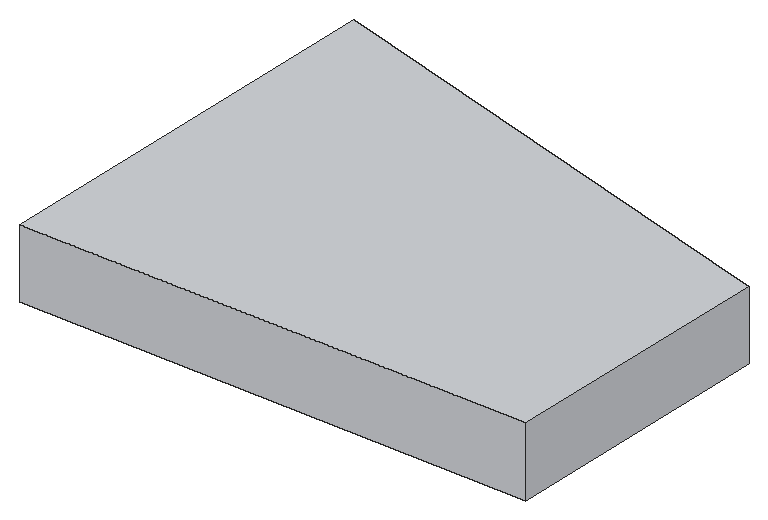
Revit family "test", category Generic Models, Revit 2017
Family settings
  Can host rebar = No
  Round Connector Dimension = Use Diameter
  Part Type = Normal
  Work Plane-Based = No
  Always vertical = Yes
  Cut with Voids When Loaded = No
  Shared = No
  Room Calculation Point = No
Parameters
  B [instance] = 1000 mm
  A [instance] = 1500 mm
Reference planes
  plane 1 "Center (Front/Back)": y = 0
  plane 2: z = 0
  plane 3 "Center (Left/Right)": x = 0
Forms (mm)
  Extrusion 1, solid
    sketch origin (0, 0, 0) x (1, 0, 0) y (0, 1, 0)
      loop
        line (-656.728, 707.121) -> (-656.728, -792.879) -> (1163.272, -792.879) -> (1163.272, 207.121) -> (-656.728, 707.121)
    from 0 to 250
Dimensions and locks
  "A": Extrusion 1 sketch curve to Extrusion 1 sketch curve
  "B": Extrusion 1 sketch curve to Extrusion 1 sketch curve
  aligned and locked: level to plane 2
Automatic sketch dimensions
  Extrusion 1 sketch curve to plane 3 "Center (Left/Right)" = 656.728 mm
  plane 3 "Center (Left/Right)" to Extrusion 1 sketch curve = 1163.272 mm
  plane 1 "Center (Front/Back)" to Extrusion 1 sketch curve = 792.879 mm
